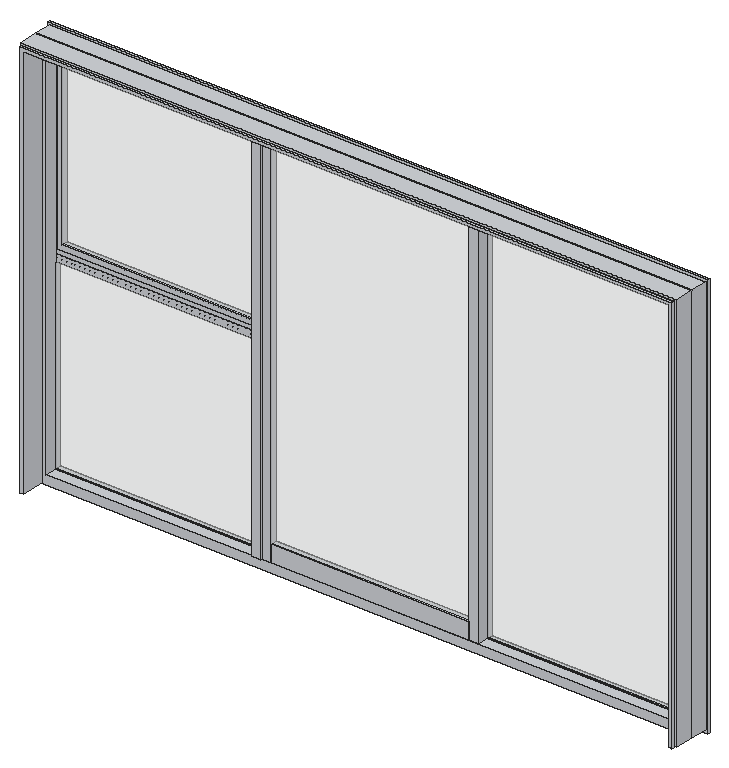
Revit family "APL Residential Thermal Heart Sliding Door FSF with Sidelight", category Doors, host Wall, Revit 2017 (continued)
Definition of nested family "APL Residential Thermal Heart Sliding Door FSF with Sidelight Vertical Section"
  Definition of nested family "Sill Fixed Sidelight"
    Definition of nested family "65380_Frame Sill"
      Lines and regions (mm)
        detail lines, in view "Ref. Level"
          curve 643: line (112.6, 39.899, 0) -> (106.85, 41.439, 0)
          curve 644: line (112.85, 34.7, 0) -> (112.85, 41.6, 0)
          curve 645: line (112.6, 41.6, 0) -> (112.6, 34.7, 0)
          curve 646: line (112.6, 34.7, 0) -> (113.1, 34.7, 0)
          curve 647: line (113.1, 34.7, 0) -> (113.1, 41.6, 0)
          curve 648: line (113.1, 41.6, 0) -> (112.6, 41.6, 0)
          curve 662: line (74.15, 34.861, 0) -> (68.4, 36.402, 0)
          curve 663: line (69.861, 36.01, 0) -> (74.15, 36.01, 0)
          curve 664: line (68.4, 36.85, 0) -> (74.15, 36.85, 0)
          curve 665: line (68.4, 37.69, 0) -> (74.15, 37.69, 0)
          curve 666: line (68.4, 38.61, 0) -> (74.15, 38.61, 0)
          curve 667: line (68.4, 39.45, 0) -> (74.15, 39.45, 0)
          curve 668: line (69.861, 40.29, 0) -> (74.15, 40.29, 0)
          curve 669: line (68.4, 39.899, 0) -> (74.15, 41.439, 0)
          curve 670: line (68.15, 34.7, 0) -> (68.15, 41.6, 0)
          curve 671: line (68.4, 41.6, 0) -> (68.4, 34.7, 0)
          curve 672: line (68.4, 34.7, 0) -> (67.9, 34.7, 0)
          curve 673: line (67.9, 34.7, 0) -> (67.9, 41.6, 0)
          curve 674: line (67.9, 41.6, 0) -> (68.4, 41.6, 0)
        detail lines, in view "Ref. Level", not visible
          curve 649: line (101.764, -41.439, 0) -> (107.514, -39.899, 0)
          curve 650: line (106.053, -40.29, 0) -> (101.764, -40.29, 0)
          curve 651: line (107.514, -39.45, 0) -> (101.764, -39.45, 0)
          curve 652: line (107.514, -38.61, 0) -> (101.764, -38.61, 0)
          curve 653: line (107.514, -37.69, 0) -> (101.764, -37.69, 0)
          curve 654: line (107.514, -36.85, 0) -> (101.764, -36.85, 0)
          curve 655: line (106.053, -36.01, 0) -> (101.764, -36.01, 0)
          curve 656: line (107.514, -36.401, 0) -> (101.764, -34.861, 0)
          curve 657: line (107.764, -41.6, 0) -> (107.764, -34.7, 0)
          curve 658: line (107.514, -34.7, 0) -> (107.514, -41.6, 0)
          curve 659: line (107.514, -41.6, 0) -> (108.014, -41.6, 0)
          curve 660: line (108.014, -41.6, 0) -> (108.014, -34.7, 0)
          curve 661: line (108.014, -34.7, 0) -> (107.514, -34.7, 0)
      Text (mm)
        text "65380" at (9.719, 46, 0), in view "Ref. Level"
  Definition of nested family "Glazing Bead"
    Parameters (values of type "Glazing Bead")
      Glass Lenght [instance] = 50 mm
    Reference planes
      plane 1 "Center (Front/Back)": y = 0
      plane 2: z = 0
      plane 3 "Center (Left/Right)": x = 0
      plane 4: y = -50
    Lines and regions (mm)
      Filled region 1, type "Solid Fill - Black", in view "Ref. Level"
        outline origin (0, 0, 0) x (1, 0, 0) y (0, 1, 0)
          loop
            line (4, 0) -> (4, -12) -> (20, -12) -> (20, 0) -> (4, 0)
      model lines, in view "Ref. Level"
        curve 1: line (4, -12, 0) -> (20, -12, 0)
        curve 2: line (0, -50, 0) -> (0, 0, 0)
        curve 3: line (0, 0, 0) -> (24, 0, 0)
        curve 4: line (24, 0, 0) -> (24, -50, 0)
        curve 5: line (20, 0, 0) -> (20, -50, 0)
        curve 6: line (4, 0, 0) -> (4, -50, 0)
      detail lines, in view "Ref. Level"
        curve 7: arc (-0.25, -4.9, 0) -> (0, -5.15, 0) -> (-0.25, -5.4, 0) r 0.25
        curve 8: arc (-0.25, -8.45, 0) -> (0, -8.7, 0) -> (-0.25, -8.95, 0) r 0.25
        curve 9: arc (-0.25, -9.619, 0) -> (0, -9.869, 0) -> (-0.25, -10.119, 0) r 0.25
        curve 10: arc (-0.25, -10.787, 0) -> (0, -11.037, 0) -> (-0.25, -11.287, 0) r 0.25
        curve 11: line (-0.25, -12.456, 0) -> (-1, -12.456, 0)
        curve 12: line (-1, -12.456, 0) -> (-1, -8.45, 0)
        curve 13: line (-1, -8.45, 0) -> (-2.2, -8.45, 0)
        curve 14: line (-2.2, -8.45, 0) -> (-2.2, -9.2, 0)
        curve 15: line (-2.2, -9.2, 0) -> (-2.8, -9.2, 0)
        curve 16: line (-2.8, -9.2, 0) -> (-2.8, -6.1, 0)
        curve 17: line (-2.8, -6.1, 0) -> (-2.2, -6.1, 0)
        curve 18: line (-2.2, -6.1, 0) -> (-2.2, -6.85, 0)
        curve 19: line (-2.2, -6.85, 0) -> (-1, -6.85, 0)
        curve 20: line (-1, -6.85, 0) -> (-1, -4.9, 0)
        curve 21: line (-1, -4.9, 0) -> (-0.25, -4.9, 0)
        curve 22: line (-0.25, -5.4, 0) -> (-0.25, -8.45, 0)
        curve 23: line (-0.25, -8.95, 0) -> (-0.25, -9.619, 0)
        curve 24: line (-0.25, -10.119, 0) -> (-0.25, -10.787, 0)
        curve 25: line (-0.25, -11.287, 0) -> (-0.25, -11.956, 0)
        curve 26: arc (-0.25, -11.956, 0) -> (0, -12.206, 0) -> (-0.25, -12.456, 0) r 0.25
      detail lines, in view "Ref. Level", not visible
        curve 27: arc (-0.25, -4.9, 0) -> (0, -5.15, 0) -> (-0.25, -5.4, 0) r 0.25
        curve 28: arc (-0.25, -8.45, 0) -> (0, -8.7, 0) -> (-0.25, -8.95, 0) r 0.25
        curve 29: arc (-0.25, -9.619, 0) -> (0, -9.869, 0) -> (-0.25, -10.119, 0) r 0.25
        curve 30: arc (-0.25, -10.787, 0) -> (0, -11.037, 0) -> (-0.25, -11.287, 0) r 0.25
        curve 31: line (-0.25, -12.456, 0) -> (-1, -12.456, 0)
        curve 32: line (-1, -12.456, 0) -> (-1, -8.45, 0)
        curve 33: line (-1, -8.45, 0) -> (-2.2, -8.45, 0)
        curve 34: line (-2.2, -8.45, 0) -> (-2.2, -9.2, 0)
        curve 35: line (-2.2, -9.2, 0) -> (-2.8, -9.2, 0)
        curve 36: line (-2.8, -9.2, 0) -> (-2.8, -6.1, 0)
        curve 37: line (-2.8, -6.1, 0) -> (-2.2, -6.1, 0)
        curve 38: line (-2.2, -6.1, 0) -> (-2.2, -6.85, 0)
        curve 39: line (-2.2, -6.85, 0) -> (-1, -6.85, 0)
        curve 40: line (-1, -6.85, 0) -> (-1, -4.9, 0)
        curve 41: line (-1, -4.9, 0) -> (-0.25, -4.9, 0)
        curve 42: line (-0.25, -5.4, 0) -> (-0.25, -8.45, 0)
        curve 43: line (-0.25, -8.95, 0) -> (-0.25, -9.619, 0)
        curve 44: line (-0.25, -10.119, 0) -> (-0.25, -10.787, 0)
        curve 45: line (-0.25, -11.287, 0) -> (-0.25, -11.956, 0)
        curve 46: arc (-0.25, -11.956, 0) -> (0, -12.206, 0) -> (-0.25, -12.456, 0) r 0.25
        curve 47: arc (62.983, -3.041, 0) -> (62.673, -2.901, 0) -> (62.511, -3.2, 0) r 0.25
        curve 48: arc (62.537, -13.088, 0) -> (62.7, -13.387, 0) -> (63.01, -13.247, 0) r 0.25
        curve 49: line (62.511, -3.2, 0) -> (63.505, -7.068, 0)
        curve 50: line (63.505, -7.068, 0) -> (62.502, -7.647, 0)
        curve 51: line (62.502, -7.647, 0) -> (62.502, -8.647, 0)
        curve 52: line (62.502, -8.647, 0) -> (63.527, -9.239, 0)
        curve 53: line (63.527, -9.239, 0) -> (62.537, -13.088, 0)
        curve 54: line (63.01, -13.247, 0) -> (64.734, -9.147, 0)
        curve 55: line (64.734, -9.147, 0) -> (66.002, -9.147, 0)
        curve 56: line (66.002, -9.147, 0) -> (66.002, -10.397, 0)
        curve 57: line (66.002, -10.397, 0) -> (67.002, -10.397, 0)
        curve 58: line (67.002, -10.397, 0) -> (67.002, -5.897, 0)
        curve 59: line (67.002, -5.897, 0) -> (66.002, -5.897, 0)
        curve 60: line (66.002, -5.897, 0) -> (66.002, -7.147, 0)
        curve 61: line (66.002, -7.147, 0) -> (64.71, -7.147, 0)
        curve 62: line (64.71, -7.147, 0) -> (62.983, -3.041, 0)
    Dimensions and locks
      "Glass Lenght": plane 1 "Center (Front/Back)" to plane 4
      aligned and locked: plane 4 to curve 2
      aligned and locked: plane 1 "Center (Front/Back)" to Filled region 1 sketch curve
      aligned and locked: Filled region 1 sketch curve to curve 6
      aligned and locked: Filled region 1 sketch curve to curve 1
      aligned and locked: Filled region 1 sketch curve to curve 5
    Automatic sketch dimensions
      plane 1 "Center (Front/Back)" to curve 2 = 0 mm
      curve 2 to plane 3 "Center (Left/Right)" = 0 mm
      curve 6 to plane 4 = 0 mm
      curve 5 to plane 4 = 0 mm
      curve 4 to plane 4 = 0 mm
      curve 5 to curve 3 = 4 mm
      plane 3 "Center (Left/Right)" to curve 1 = 4 mm
      curve 6 to curve 5 = 16 mm
      plane 1 "Center (Front/Back)" to curve 1 = 12 mm
    Nested families
      nested 1: "65015_Bead" at (-15.5, 6.328, 0), type "65015_Bead", in view "Ref. Level"
    Definition of nested family "65015_Bead"
      Reference planes
        plane 1 "Center (Front/Back)": y = 0
        plane 2: z = 0
        plane 3 "Center (Left/Right)": x = 0
      Lines and regions (mm)
        model lines, in view "Ref. Level"
          curve 1: arc (13.5, 12.78, 0) -> (13.558, 12.92, 0) -> (13.698, 12.978, 0) r 0.198
          curve 2: arc (14.302, 12.978, 0) -> (14.442, 12.918, 0) -> (14.5, 12.777, 0) r 0.201
          curve 3: arc (14.5, 10.175, 0) -> (14.442, 10.036, 0) -> (14.302, 9.978, 0) r 0.198
          curve 4: arc (13.698, 9.978, 0) -> (13.558, 10.036, 0) -> (13.5, 10.175, 0) r 0.198
          curve 5: arc (13.5, 11.027, 0) -> (13.442, 11.169, 0) -> (13.3, 11.228, 0) r 0.2
          curve 6: arc (12.7, 11.228, 0) -> (11.851, 11.579, 0) -> (11.5, 12.428, 0) r 1.2
          curve 7: arc (11.5, 13.628, 0) -> (11.377, 13.813, 0) -> (11.159, 13.769, 0) r 0.2
          curve 8: arc (1.546, 4.157, 0) -> (1.438, 3.995, 0) -> (1.4, 3.804, 0) r 0.5
          curve 9: arc (1.4, 1.817, 0) -> (1.467, 1.567, 0) -> (1.65, 1.384, 0) r 0.5
          curve 10: arc (10.675, -3.827, 0) -> (10.913, -4.714, 0) -> (10.025, -4.952, 0) r 0.65
          curve 11: arc (3.306, -1.073, 0) -> (2.928, -1.023, 0) -> (2.624, -1.254, 0) r 0.5
          curve 12: arc (2.587, -2.129, 0) -> (2.248, -2.45, 0) -> (1.791, -2.352, 0) r 0.5
          curve 13: arc (1.518, -2.123, 0) -> (1.466, -2.054, 0) -> (1.447, -1.97, 0) r 0.2
          curve 14: arc (1.447, -1.115, 0) -> (1.476, -1.011, 0) -> (1.555, -0.938, 0) r 0.2
          curve 15: arc (1.555, -0.938, 0) -> (1.717, -0.809, 0) -> (1.82, -0.63, 0) r 0.55
          curve 16: arc (1.82, -0.63, 0) -> (1.825, -0.452, 0) -> (1.729, -0.302, 0) r 0.3
          curve 17: arc (0.2, 0, 0) -> (0.059, 0.059, 0) -> (0, 0.2, 0) r 0.2
          curve 18: arc (0, 4.383, 0) -> (0.038, 4.575, 0) -> (0.146, 4.737, 0) r 0.5
          curve 19: arc (14.159, 18.749, 0) -> (14.377, 18.792, 0) -> (14.5, 18.608, 0) r 0.2
          curve 20: arc (14.5, 15.172, 0) -> (14.442, 15.034, 0) -> (14.303, 14.978, 0) r 0.194
          curve 21: arc (13.698, 14.978, 0) -> (13.559, 15.038, 0) -> (13.5, 15.177, 0) r 0.203
          curve 22: arc (13.5, 15.528, 0) -> (13.441, 15.669, 0) -> (13.3, 15.728, 0) r 0.201
          curve 23: arc (12.7, 15.728, 0) -> (12.559, 15.669, 0) -> (12.5, 15.528, 0) r 0.2
          curve 24: arc (12.5, 12.428, 0) -> (12.559, 12.286, 0) -> (12.7, 12.228, 0) r 0.2
          curve 25: line (13.5, 12.428, 0) -> (13.5, 12.78, 0)
          curve 26: line (13.698, 12.978, 0) -> (14.302, 12.978, 0)
          curve 27: line (14.5, 12.777, 0) -> (14.5, 10.175, 0)
          curve 28: line (14.302, 9.978, 0) -> (13.698, 9.978, 0)
          curve 29: line (13.5, 10.175, 0) -> (13.5, 11.027, 0)
          curve 30: line (13.3, 11.228, 0) -> (12.7, 11.228, 0)
          curve 31: line (11.5, 12.428, 0) -> (11.5, 13.628, 0)
          curve 32: line (11.159, 13.769, 0) -> (1.546, 4.157, 0)
          curve 33: line (1.4, 3.804, 0) -> (1.4, 1.817, 0)
          curve 34: line (1.65, 1.384, 0) -> (10.675, -3.827, 0)
          curve 35: line (10.025, -4.952, 0) -> (3.306, -1.073, 0)
          curve 36: line (2.597, -1.355, 0) -> (2.597, -2.065, 0)
          curve 37: line (1.791, -2.352, 0) -> (1.518, -2.123, 0)
          curve 38: line (1.518, -2.123, 0) -> (1.447, -1.115, 0)
          curve 39: line (1.729, -0.302, 0) -> (1.425, -0.047, 0)
          curve 40: line (1.425, -0.047, 0) -> (0.2, 0, 0)
          curve 41: line (0, 0.2, 0) -> (0, 4.383, 0)
          curve 42: line (0.146, 4.737, 0) -> (14.159, 18.749, 0)
          curve 43: line (14.5, 18.608, 0) -> (14.5, 15.172, 0)
          curve 44: line (14.303, 14.978, 0) -> (13.698, 14.978, 0)
          curve 45: line (13.5, 15.177, 0) -> (13.5, 15.528, 0)
          curve 46: line (13.3, 15.728, 0) -> (12.7, 15.728, 0)
          curve 47: line (12.5, 15.528, 0) -> (12.5, 12.428, 0)
          curve 48: line (12.7, 12.228, 0) -> (13.3, 12.228, 0)
          curve 49: arc (13.3, 12.228, 0) -> (13.441, 12.286, 0) -> (13.5, 12.428, 0) r 0.2
      Text (mm)
        text "65015" at (32.01, 10.207, 0), in view "Ref. Level"
Types (2, lengths in mm): name | Liner | Reveal Liner | Architrave
  Liner | 101.3 | yes | no
  Architrave | 106.7 | no | yes
